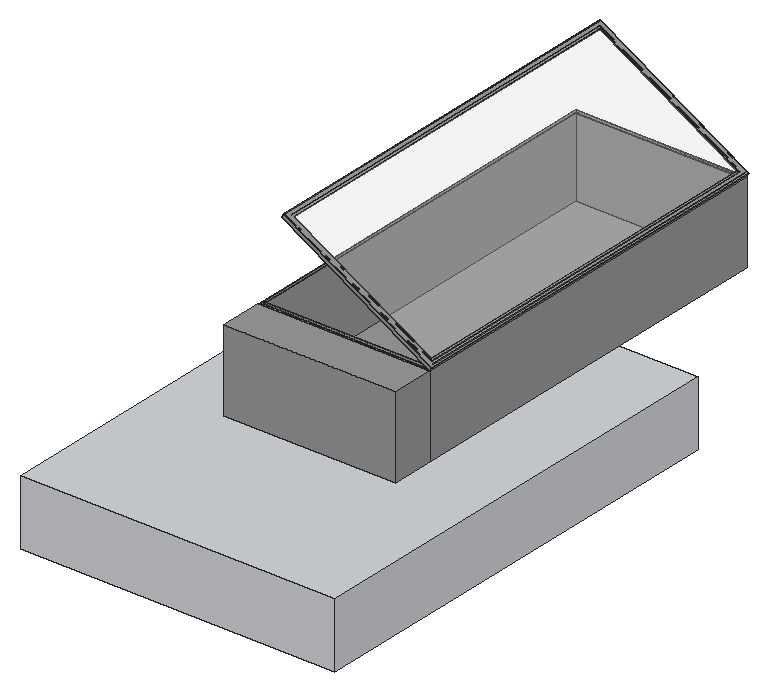
Revit family "Hager-Univers-IP55-D400-H2050-Cl.II-Steel_encl-CH-de", category Equipement électrique, Revit 2020
Family settings
  Hôte = Face
  Configuration du panneau = Deux colonnes, circuits au sein
  Cote de connecteur circulaire = Utiliser le diamètre
  Type d'élément = Tableau de raccordement
  Couper avec des vides une fois chargée = Non
  Partagée = Non
  Point de calcul de pièce = Non
Parameters (values of type "Bodenaufstellung IP55 B800 H2050 T400  - FR23U2")
  Width Control [instance] = if([EF000008 - Breite] > Min Width, [EF000008 - Breite], Min Width)  # 800 mm
  Commentaires du type = [HG000003 - Bereich]  # "Univers"
  Thickness Door [instance] = if([EF009171 - Materialstärke Tür/Deckel] > 3 mm, 3 mm, [EF009171 - Materialstärke Tür/Deckel])  # 1.5 mm
  Seal Frame Offset [instance] = 17 mm  # constant formula
  Plinth Visibility [instance] = [HG000027 - Sockelhöhe] > 0 mm  # yes
  Model = ""
  Min Width [instance] = 100 mm  # constant formula
  Min Height [instance] = 100 mm  # constant formula
  Min Depth [instance] = (2 * [EF009170 - Materialstärke Gehäuse]) + 1 mm  # 4 mm
  Internal Frame Depth [instance] = (Door System Depth * 0.5)  # 9 mm
  Height Control [instance] = if([EF000040 - Höhe] > Min Height, [EF000040 - Höhe], Min Height)  # 2050 mm
  HG000027 - Sockelhöhe = 200 mm
  HG000026 - Stehend auf dem Boden = yes
  HG000024 - Höhe des unteren Teils = 800 mm
  HG000023 - Gehäuse mit doppeltem Querschnitt = no
  HG000016 - 3D-Türsichtbarkeit [instance] = yes
  HG000015 - Sichtbarkeit der Türöffnung [instance] = no
  HG000014 - Tür rechts [instance] = yes
  HG000013 - Tür links [instance] = not([HG000014 - Tür rechts])  # no
  HG000012 - Türschwenkwinkel [instance] = 30.00°
  HG000010 - Asymmetrische Türen = no
  HG000009 - Doppelflügeligen Tür = no
  HG000006 - Unterputz = no
  HG000004 - Herstellerreferenz = "FR23U2"
  HG000003 - Bereich = "Univers"
  HG000002 - Mit tür = yes
  Frame Offset Bottom [instance] = 10 mm  # constant formula
  Frame Offset [instance] = 15 mm  # constant formula
  EF015940 - Deckel mit Überdruckentlastung = no
  EF011959 - Schutzart (NEMA) = ""
  EF009554 - Anzahl der Öffnungen für Flanschplatten = 6
  Fabricant = "Hager"  # constant formula
  EF009212 - Ausführung Deckel = "EV000116 - geschlossen"
  EF009171 - Materialstärke Tür/Deckel = 1.5 mm
  EF009170 - Materialstärke Gehäuse = 1.5 mm
  EF008873 - Nennstrom (In) = 800 A
  EF007800 - Geeignet für Blitzschutz = no
  EF006306 - Mit Schloss = no
  EF006244 - Transparenter Deckel/Tür = yes
  EF005474 - Schutzart (IP) = "EV006420 - IP55"
  EF004464 - Art der Tür = "EV002646 - Einzel"
  EF004427 - Anzahl der Module = 432
  EF004293 - Schlagfestigkeit = "EV008784 - IK10"
  EF003532 - Geeignet für Außengebrauch = no
  EF002950 - Breite in Teilungseinheiten = 24
  EF001613 - Funktionserhalt = "EV000494 - ohne"
  EF001596 - Werkstoff des Gehäuses = "EV000179 - Stahl"
  EF001131 - Innentiefe = 400 mm
  EF001088 - Anbaumöglichkeit = yes
  EF000437 - Anzahl der Leitungseinführungen = 6
  EF000339 - Art der Abdeckung = "EV004216 - Tür"
  EF000266 - Anzahl der Reihen = 12
  EF000218 - Einbautiefe = 0 mm
  EF000118 - Mit Montageplatte = no
  EF000116 - RAL-Nummer = "7035"
  EF000049 - Tiefe = 400 mm
  EF000040 - Höhe = 2050 mm
  EF000008 - Breite = 800 mm
  EF000007 - Farbe = "EV000270 - grau"
  EF000003 - Montageart = "EV012274 - Bodenaufstellung"
  Door System Leaf Tolerance [instance] = 1.5 mm  # constant formula
  Door System Depth [instance] = 18 mm  # constant formula
  Door Height [instance] = Height Control - [HG000027 - Sockelhöhe]  # 1850 mm
  Depth Control [instance] = if([EF000049 - Tiefe] > Min Depth, [EF000049 - Tiefe], Min Depth)  # 400 mm
  Default Elevation = 0 mm
  Connector Offset [instance] = Height Control / 2  # 1025 mm
  Bottom Top Plate Trim [instance] = 1.5 mm  # constant formula
  Plinth height Ctrl [instance] = if([HG000027 - Sockelhöhe] > 0 mm, [HG000027 - Sockelhöhe], 12 mm)  # 200 mm
Types (11, lengths in mm): name | Width Control | HG000010 - Asymmetrische Türen | HG000009 - Doppelflügeligen Tür | HG000004 - Herstellerreferenz | EF009554 - Anzahl der Öffnungen für Flanschplatten | EF006244 - Transparenter Deckel/Tür | EF004464 - Art der Tür | EF004427 - Anzahl der Module | EF000437 - Anzahl der Leitungseinführungen | EF000008 - Breite
  Bodenaufstellung IP55 B1050 H2050 T400  - FR24H2 | 1050 | yes | yes | "FR24H2" | 8 | no | "EV003602 - Doppel" | 576 | 8 | 1050
  Bodenaufstellung IP55 B1050 H2050 T400  - FR24U2 | 1050 | yes | yes | "FR24U2" | 8 | yes | "EV003602 - Doppel" | 576 | 8 | 1050
  Bodenaufstellung IP55 B1300 H2050 T400  - FR25H2 | 1300 | yes | yes | "FR25H2" | 10 | no | "EV003602 - Doppel" | 720 | 10 | 1300
  Bodenaufstellung IP55 B1300 H2050 T400  - FR25U2 | 1300 | yes | yes | "FR25U2" | 10 | yes | "EV003602 - Doppel" | 720 | 10 | 1300
  Bodenaufstellung IP55 B1550 H2050 T400  - FR26H2 | 1550 | yes | yes | "FR26H2" | 12 | no | "EV003602 - Doppel" | 864 | 12 | 1550
  Bodenaufstellung IP55 B1550 H2050 T400  - FR26U2 | 1550 | yes | yes | "FR26U2" | 12 | yes | "EV003602 - Doppel" | 864 | 12 | 1550
  Bodenaufstellung IP55 B300 H2050 T400  - FR21H2 | 300 | no | no | "FR21H2" | 2 | no | "EV002646 - Einzel" | 144 | 2 | 300
  Bodenaufstellung IP55 B550 H2050 T400  - FR22H2 | 550 | no | no | "FR22H2" | 4 | no | "EV002646 - Einzel" | 288 | 4 | 550
  Bodenaufstellung IP55 B550 H2050 T400  - FR22U2 | 550 | no | no | "FR22U2" | 4 | yes | "EV002646 - Einzel" | 288 | 4 | 550
  Bodenaufstellung IP55 B800 H2050 T400  - FR23H2 | 800 | no | no | "FR23H2" | 6 | no | "EV002646 - Einzel" | 432 | 6 | 800
  Bodenaufstellung IP55 B800 H2050 T400  - FR23U2 | 800 | no | no | "FR23U2" | 6 | yes | "EV002646 - Einzel" | 432 | 6 | 800
Reference planes
  plane 1 "Center (Front/Back)": y = 0
  plane 2: z = 0
  plane 3 "Center (Left/Right)": x = 0
  plane 4: z = 400
  plane 5: y = 201.5
  plane 6: y = 1125
  plane 7: y = 200
  plane 8: y = 2050
  plane 9: z = 0
  plane 10: x = -385
  plane 11: x = 385
  plane 12: x = 383.5
  plane 13: x = -383.5
  plane 14: y = 2048.5
  plane 15: x = -383
  plane 16: x = -400
  plane 17: x = 383
  plane 18: x = 400
  plane 19: x = 398.5
  plane 20: x = -398.5
  plane 21: y = 211.5
  plane 22: y = 2050
  plane 23: y = 2033.5
  plane 24: z = 382
  plane 25: z = 1.5
  plane 26: z = 380.5
  plane 27: z = 398.5
Forms (mm)
  Extrusion 1, solid
    sketch origin (0, 0, 0) x (1, 0, 0) y (0, 1, 0)
      loop
        line (-702.964, 1305) -> (-702.964, -811.445) -> (766.763, -811.445) -> (766.763, 1305) -> (-702.964, 1305)
    from 0 to -304.8
  Extrusion 2, solid, material "Hager_Steel_RAL7035_Light_Grey", visible <- "Plinth Visibility", detail levels medium+fine
    sketch origin (0, 0, 0) x (1, 0, 0) y (0, 1, 0)
      loop
        line (-400, 0) -> (400, 0) -> (400, 200) -> (-400, 200) -> (-400, 0)
    from 0 to 382
  Extrusion 3, solid, material "Hager_Steel_RAL7035_Light_Grey", detail levels medium+fine
    sketch origin (0, 0, 0) x (1, 0, 0) y (0, 1, 0)
      loop
        line (-400, 200) -> (400, 200) -> (400, 2050) -> (-400, 2050) -> (-400, 200)
    from 0 to 382
  Extrusion 4, void
    sketch origin (0, 0, 0) x (1, 0, 0) y (0, 1, 0)
      loop
        line (-398.5, 201.5) -> (398.5, 201.5) -> (398.5, 2048.5) -> (-398.5, 2048.5) -> (-398.5, 201.5)
    from 1.5 to 380.5
  Extrusion 5, void
    sketch origin (-381.607, -4572, 382) x (0, -1, 0) y (-1, 0, 0)
      loop
        line (-4783.5, 1.893) -> (-6605.5, 1.893) -> (-6605.5, -765.107) -> (-4783.5, -765.107) -> (-4783.5, 1.893)
    from 0 to 1.5 <- "EF009170 - Materialstärke Gehäuse"
  Extrusion 6, solid, material "Hager_Steel_RAL7035_Light_Grey", detail levels fine
    sketch origin (0, 0, 382) x (1, 0, 0) y (0, 1, 0)
      loop
        line (-383.5, 2033.5) -> (-383.5, 211.5) -> (383.5, 211.5) -> (383.5, 2033.5) -> (-383.5, 2033.5)
      loop
        line (-385, 210) -> (385, 210) -> (385, 2035) -> (-385, 2035) -> (-385, 210)
    from 0 to 9 <- "Internal Frame Depth"
  Extrusion 7, solid, material "Hager_Steel_RAL7035_Light_Grey", detail levels coarse
    sketch origin (0, 0, 0) x (1, 0, 0) y (0, 1, 0)
      loop
        line (-400, 0) -> (400, 0) -> (400, 2050) -> (-400, 2050) -> (-400, 0)
    from 0 to 400
  Sweep 8, void
    path in 3D
      loop
        line (-400, 200, 0) -> (400, 200, 0) -> (400, 200, 382) -> (-400, 200, 382) -> (-400, 200, 0)
    profile origin (-400, 200, 191) x (-1, 0, 0) y (0, -1, 0)
      loop
        line (0, 0) -> (0, 1.5) -> (-1.5, 1.5)
        arc (-1.5, 1.5) -> (-1.061, 0.439) -> (0, 0) r 1.5
Cuts and joins
  Extrusion 4, Extrusion 5 cuts Extrusion 3
  Sweep 8 cuts Extrusion 2
Lines and regions (mm)
  Masking region 1
    outline origin (0, 0, 0) x (1, 0, 0) y (0, 0, 1)
      loop
        line (-400, 400) -> (-400, 0) -> (400, 0) -> (400, 400) -> (-400, 400)
  Masking region 2, detail levels medium+fine
    outline origin (0, 140, 0) x (0, 1, 0) y (0, 0, 1)
      loop
        line (60, 0) -> (1910, 0) -> (1910, 382) -> (60, 382) -> (60, 0)
  Masking region 3, not visible, detail levels medium+fine
    outline origin (0, 297.922, 0) x (0, 1, 0) y (0, 0, 1)
      loop
        line (838.578, 0) -> (878.578, 0) -> (878.578, 388.5)
        arc (878.578, 388.5) -> (875.649, 395.571) -> (868.578, 398.5) r 10
        line (868.578, 398.5) -> (838.578, 398.5) -> (838.578, 0)
  Masking region 4, detail levels coarse
    outline origin (0, 0, 180) x (0, 1, 0) y (0, 0, 1)
      loop
        line (0, -180) -> (2050, -180) -> (2050, 220) -> (0, 220) -> (0, -180)
  Masking region 5, visible <- "Plinth Visibility", detail levels medium+fine
    outline origin (0, 52.24, 12.345) x (0, 0, -1) y (0, 1, 0)
      loop
        line (10.845, 147.76) -> (-368.155, 147.76)
        arc (-368.155, 147.76) -> (-368.594, 146.699) -> (-369.655, 146.26) r 1.5
        line (-369.655, 146.26) -> (-369.655, -52.24) -> (12.345, -52.24) -> (12.345, 146.26)
        arc (12.345, 146.26) -> (11.285, 146.699) -> (10.845, 147.76) r 1.5
  Masking region 6, detail levels medium+fine
    outline origin (-381.607, -4572, 382) x (-1, 0, 0) y (0, -1, 0)
      loop
        line (18.393, -6622) -> (18.393, -4772) -> (-781.607, -4772) -> (-781.607, -6622) -> (18.393, -6622)
  Masking region 7, visible <- "Plinth Visibility", detail levels medium+fine
    outline origin (-381.607, -4727, 382) x (-1, 0, 0) y (0, -1, 0)
      loop
        arc (16.893, -4927) -> (17.332, -4925.939) -> (18.393, -4925.5) r 1.5
        line (18.393, -4925.5) -> (18.393, -4727) -> (-781.607, -4727) -> (-781.607, -4925.5)
        arc (-781.607, -4925.5) -> (-780.546, -4925.939) -> (-780.107, -4927) r 1.5
        line (-780.107, -4927) -> (16.893, -4927)
  Masking region 8, detail levels coarse
    outline origin (-442.548, -4669.526, 382) x (-1, 0, 0) y (0, -1, 0)
      loop
        line (-42.548, -6719.526) -> (-42.548, -4669.526) -> (-842.548, -4669.526) -> (-842.548, -6719.526) -> (-42.548, -6719.526)
  sketch lines
    curve 1: line (-400, 200, 382) -> (-400, 200, 0)
    curve 2: line (400, 200, 382) -> (-400, 200, 382)
    curve 3: line (400, 200, 382) -> (400, 200, 0)
    curve 4: line (-400, 200, 0) -> (400, 200, 0)
Dimensions and locks
  "Depth Control": plane 4 to Extrusion 1
  "HG000027 - Sockelhöhe": plane 1 "Center (Front/Back)" to plane 7
  "EF009170 - Materialstärke Gehäuse": plane 5 to plane 7
  locked: connector elem to plane 3 "Center (Left/Right)"
  equal spacing: plane 8, plane 6, plane 7
  locked: connector elem to plane 6
  "EF009170 - Materialstärke Gehäuse": plane 8 to plane 14
  "EF009170 - Materialstärke Gehäuse": plane 10 to plane 13
  "EF009170 - Materialstärke Gehäuse": plane 12 to plane 11
  "Frame Offset": plane 20 to plane 13
  "Frame Offset": plane 12 to plane 19
  "EF009170 - Materialstärke Gehäuse": plane 16 to plane 20
  "EF009170 - Materialstärke Gehäuse": plane 19 to plane 18
  "Seal Frame Offset": plane 16 to plane 15
  "Seal Frame Offset": plane 17 to plane 18
  "Frame Offset Bottom": plane 21 to plane 5
  "Frame Offset": plane 14 to plane 23
  equal spacing: plane 16, plane 3 "Center (Left/Right)", plane 18
  "Width Control": plane 16 to plane 18
  "EF009170 - Materialstärke Gehäuse": plane 4 to plane 27
  "EF009170 - Materialstärke Gehäuse": plane 24 to plane 26
  "EF009170 - Materialstärke Gehäuse": plane 25 to level
  "Door System Depth": plane 4 to plane 24
  "Height Control": plane 1 "Center (Front/Back)" to Extrusion 7 sketch curve
  "Height Control": Masking region 4 sketch curve to plane 1 "Center (Front/Back)"
  "Height Control": plane 1 "Center (Front/Back)" to plane 22
  "Bottom Top Plate Trim": profile plane to Sweep 8 sketch curve
  "Bottom Top Plate Trim": Sweep 8 sketch curve to profile plane
  "Plinth height Ctrl": plane 1 "Center (Front/Back)" to Extrusion 2 sketch curve
  "Plinth height Ctrl": Masking region 5 sketch curve to plane 1 "Center (Front/Back)"
  "Plinth height Ctrl": plane 1 "Center (Front/Back)" to Masking region 7 sketch curve
  "Thickness Door": Extrusion 6 sketch curve to Extrusion 6 sketch curve  (x3)
  "Thickness Door": cut or joined group of Extrusion 3, Extrusion 4, Extrusion 5 to Extrusion 6 sketch curve
  radius of Masking region 3 sketch curve = 10 mm
  "Bottom Top Plate Trim": radius of Masking region 5 sketch curve  (x2)
  "Bottom Top Plate Trim": radius of Sweep 8 sketch curve
  "Bottom Top Plate Trim": radius of Masking region 7 sketch curve  (x2)
  aligned and locked: plane 2 to Extrusion 1
  aligned and locked: level to Extrusion 1
  aligned and locked: level to Masking region 1 sketch curve
  aligned and locked: Masking region 1 sketch curve to plane 18
  aligned and locked: Masking region 1 sketch curve to plane 16
  aligned and locked: plane 7 to Masking region 2 sketch curve
  aligned and locked: level to Masking region 3 sketch curve
  aligned and locked: Masking region 3 sketch curve to plane 27
  aligned and locked: level to Masking region 2 sketch curve
  aligned and locked: plane 1 "Center (Front/Back)" to Extrusion 2 sketch curve
  aligned and locked: Extrusion 3 sketch curve to plane 7
  aligned and locked: plane 16 to Extrusion 3 sketch curve
  aligned and locked: plane 18 to Extrusion 3 sketch curve
  aligned and locked: plane 20 to Extrusion 4 sketch curve
  aligned and locked: plane 19 to Extrusion 4 sketch curve
  aligned and locked: Extrusion 4 sketch curve to plane 5
  aligned and locked: Extrusion 4 to plane 25
  aligned and locked: plane 26 to Extrusion 4
  aligned and locked: plane 24 to Extrusion 3
  aligned and locked: Extrusion 5 sketch curve to plane 21
  aligned and locked: Extrusion 5 sketch curve to plane 13
  aligned and locked: Extrusion 5 sketch curve to plane 12
  aligned and locked: plane 18 to Extrusion 7 sketch curve
  aligned and locked: plane 1 "Center (Front/Back)" to Extrusion 7 sketch curve
  aligned and locked: plane 16 to Extrusion 7 sketch curve
  aligned and locked: plane 4 to Extrusion 7
  aligned and locked: Extrusion 7 to level
  aligned and locked: level to Masking region 4 sketch curve
  aligned and locked: Masking region 4 sketch curve to plane 1 "Center (Front/Back)"
  aligned and locked: Masking region 4 sketch curve to plane 4
  aligned and locked: nested 1 to level
  aligned and locked: nested 1 to plane 16
  aligned and locked: plane 8 to Extrusion 3 sketch curve
  aligned and locked: plane 23 to Extrusion 5 sketch curve
  aligned and locked: plane 14 to Extrusion 4 sketch curve
  aligned and locked: Masking region 2 sketch curve to plane 8
  aligned and locked: level to Masking region 5 sketch curve
  aligned and locked: plane 16 to Extrusion 2 sketch curve
  aligned and locked: plane 18 to Extrusion 2 sketch curve
  aligned and locked: Masking region 5 sketch curve to plane 24
  aligned and locked: Masking region 2 sketch curve to plane 24
  aligned and locked: plane 24 to Extrusion 2
  aligned and locked: profile plane to Sweep 8 sketch curve  (x2)
  aligned and locked: Masking region 6 sketch curve to plane 18
  aligned and locked: Masking region 6 sketch curve to plane 22
  aligned and locked: Masking region 6 sketch curve to plane 16
  aligned and locked: plane 8 to plane 22
  aligned and locked: Masking region 6 sketch curve to plane 7
  aligned and locked: Masking region 7 sketch curve to plane 16
  aligned and locked: Masking region 7 sketch curve to plane 1 "Center (Front/Back)"
  aligned and locked: Masking region 7 sketch curve to plane 18
  aligned and locked: Masking region 8 sketch curve to plane 1 "Center (Front/Back)"
  aligned and locked: Masking region 8 sketch curve to plane 18
  aligned and locked: Masking region 8 sketch curve to plane 22
  aligned and locked: Masking region 8 sketch curve to plane 16
  aligned and locked: nested 2 to plane 7
  aligned and locked: plane 3 "Center (Left/Right)" to nested 2
  aligned and locked: nested 2 to plane 24
  aligned and locked: Extrusion 6 sketch curve to cut or joined group of Extrusion 3, Extrusion 4, Extrusion 5  (x4)
Automatic sketch dimensions
  Extrusion 1 sketch curve to Extrusion 1 sketch curve = 1469.727 mm
  Extrusion 1 sketch curve to Extrusion 1 sketch curve = 2116.445 mm
  Masking region 1 sketch curve to plane 4 = 0 mm
  plane 6 to Masking region 3 sketch curve = 11.5 mm
  Masking region 3 sketch curve to Masking region 3 sketch curve = 30 mm
  Masking region 5 sketch curve to plane 1 "Center (Front/Back)" = 0 mm
Nested families
  nested 1: "Hager_Enclosure_Symbol" at (-400, 0, 0) x (1, 0, 0) z (0, -1, 0), Height <- "Depth Control", Width <- "Width Control", type "Hager_Enclosure_Symbol"
    with Width_Ctrl 800 mm, Width 800 mm, Height_Ctrl 400 mm, Height 400 mm, A_Width_Int 26.25 mm, A_Width 315 mm, A_Height_Ctrl 350 mm, A_Height 350 mm
  nested 2: "EC000058_Univers_Door" at (0, 200, 382) x (1, 0, 0) z (0, 1, 0), Leaf_Tolerance <- "Door System Leaf Tolerance", Angle <- "HG000012 - Türschwenkwinkel", Door_Depth <- "Door System Depth", Door_Left <- "HG000013 - Tür links", Transparent <- "EF006244 - Transparenter Deckel/Tür", Assymetrical <- "HG000010 - Asymmetrische Türen", Width <- "Width Control", Clearance <- "HG000015 - Sichtbarkeit der Türöffnung", Double <- "HG000009 - Doppelflügeligen Tür", 3d_Door <- "HG000016 - 3D-Türsichtbarkeit", Lock_Visibility <- "EF006306 - Mit Schloss", Width_Ctrl <- "Width Control", Door_Right <- "HG000014 - Tür rechts", Door <- "HG000002 - Mit tür", Height <- "Door Height", Thickness <- "Thickness Door", type "EC000058_Univers_Door", detail levels medium+fine
    with min_wh 4 mm, Width_Ctrl 800 mm, Width 800 mm, Transparent yes, Thickness 1.5 mm, Seal_Material Hager_Rubber, Lock_Visibility no, Lock_Material Hager_Plastic_RAL9005_Jet_Black, Leaf_Width 800 mm, Leaf_Tolerance_External_Sides 0 mm, Leaf_Tolerance 1.5 mm, Leaf_Offset 0 mm, Leaf_Height 1847 mm, Leaf_2_Width 800 mm, Leaf_2_Offset 400 mm, Leaf_1_Width 800 mm, Leaf_1_Offset 400 mm, Height_Ctrl 1850 mm, Height 1850 mm, Glass_Material Hager_Glass, Double_Clearance_Ctrl no, Double no, Door_Right_Ctrl yes, Door_Right yes, Door_Material Hager_Steel_RAL7035_Light_Grey, Door_Left_Ctrl no, Door_Left no, Door_Depth 18 mm, Door yes, Clearance_Material Hager_Clearance, Clearance_Depth 800 mm, Clearance_Ctrl no, Clearance no, Assymetrical no, Angle 30.00°, 3d_Door yes
Connectors
  electrical at (0, 1125, 0)
    settings: on plane 9, index 1, voltage 0 V, apparent load 0 VA, apparent load phase1 0 VA, apparent load phase2 0 VA, apparent load phase3 0 VA, power factor 1, load classification "Other", number of poles 1, system type 30, power factor state 1, is connector primary yes, connector utility no, sub classification motor no, connector description ""
Definition of nested family "EC000058_Univers_Door"
  Parameters (values of type "EC000058_Univers_Door")
    min_wh [instance] = (2 * Thickness) + 1 mm  # 11 mm
    Width_Ctrl [instance] = 400 mm
    Width [instance] = 500 mm
    Transparent [instance] = yes
    Thickness [instance] = 5 mm
    Seal_Material [instance] = none
    Lock_Visibility [instance] = yes
    Lock_Material [instance] = none
    Leaf_Width [instance] = if((Width_Ctrl - 2 * Leaf_Tolerance_External_Sides) > 0 mm, (Width_Ctrl - 2 * Leaf_Tolerance_External_Sides), min_wh)  # 400 mm
    Leaf_Tolerance_External_Sides [instance] = 0 mm  # constant formula
    Leaf_Tolerance [instance] = 1.5 mm
    Leaf_Offset [instance] = 0 mm  # constant formula
    Leaf_Height [instance] = if((Height_Ctrl - 2 * Leaf_Tolerance) > 0 mm, (Height_Ctrl - 2 * Leaf_Tolerance), min_wh)  # 497 mm
    Leaf_2_Width [instance] = if(and(and(Double, Assymetrical), Door_Left), (Leaf_Width / 3) - (Leaf_Tolerance / 2), if(and(and(Double, Assymetrical), Door_Right), (Leaf_Width / 3) * 2 - (Leaf_Tolerance / 2), if(and(Double, not(Assymetrical)), (Leaf_Width / 2) - Leaf_Tolerance, Leaf_Width)))  # 400 mm
    Leaf_2_Offset [instance] = if(and(Double, Assymetrical), Leaf_2_Width / 2, if(and(Double, not(Assymetrical)), Leaf_Width / 4, Leaf_Width / 2))  # 200 mm
    Leaf_1_Width [instance] = if(and(and(Double, Assymetrical), Door_Right), (Leaf_Width / 3) - (Leaf_Tolerance / 2), if(and(and(Double, Assymetrical), Door_Left), (Width / 3) * 2 - (Leaf_Tolerance / 2), if(and(Double, not(Assymetrical)), (Leaf_Width / 2) - Leaf_Tolerance, Leaf_Width)))  # 400 mm
    Leaf_1_Offset [instance] = if(and(Double, Assymetrical), Leaf_1_Width / 2, if(and(Double, not(Assymetrical)), Leaf_Width / 4, Leaf_Width / 2))  # 200 mm
    Height_Ctrl [instance] = if(Height > min_wh, Height, min_wh)  # 500 mm
    Height [instance] = 500 mm
    Glass_Material [instance] = none
    Double_Clearance_Ctrl [instance] = and(Double, Clearance)  # no
    Double [instance] = no
    Door_Right_Ctrl [instance] = and(or(Door_Right, Double), Door)  # yes
    Door_Right [instance] = yes
    Door_Material [instance] = none
    Door_Left_Ctrl [instance] = and(or(Door_Left, Double), Door)  # no
    Door_Left [instance] = no
    Door_Depth [instance] = 30 mm
    Door [instance] = yes
    Default Elevation = 1219.2 mm
    Clearance_Material [instance] = none
    Clearance_Depth [instance] = if(Leaf_1_Width > Leaf_2_Width, Leaf_1_Width, Leaf_2_Width)  # 400 mm
    Clearance_Ctrl [instance] = and(not(Double), Clearance)  # yes
    Clearance [instance] = yes
    Assymetrical [instance] = yes
    Angle [instance] = 30.00°
    3d_Door [instance] = yes
  Reference planes
    plane 1 "Center (Front/Back)": y = 0
    plane 2 "Bottom": z = 0
    plane 3 "Center (Left/Right)": x = 0
    plane 4: z = 500
    plane 5: x = -200
    plane 6: x = 200
    plane 7: z = 500
    plane 8: x = -200
    plane 9: z = 0
    plane 10: x = 200
    plane 11: y = 0
    plane 12: z = 1.5
    plane 13: x = -600
    plane 14: y = -400
    plane 15: x = 600
    plane 16: x = 0
    plane 17: x = 0
    plane 18: x = -200
    plane 19: x = 200
    plane 20: z = 498.5
  Forms (mm)
    Extrusion 1, solid, material <- "Clearance_Material", visible <- "Double_Clearance_Ctrl"
      sketch origin (1200, 0, 0) x (1, 0, 0) y (0, 0, -1)
        loop
          line (-1800, -498.5) -> (-600, -498.5) -> (-600, 0) -> (-1800, 0) -> (-1800, -498.5)
      from 0 to -400
  Dimensions and locks
    equal spacing: plane 5, plane 3 "Center (Left/Right)", plane 6
    "Width_Ctrl": plane 5 to plane 6
    "Leaf_Offset": plane 5 to plane 8
    "Leaf_Offset": plane 6 to plane 10
    "Leaf_Offset": plane 9 to level
    "Leaf_Offset": plane 4 to plane 7
    "Height_Ctrl": plane 4 to level
    "Leaf_Tolerance": plane 12 to plane 9
    locked: plane 11 to plane 1 "Center (Front/Back)"
    "Leaf_1_Offset": plane 18 to plane 16
    "Leaf_2_Offset": plane 17 to plane 19
    "Leaf_1_Width": plane 13 to plane 8
    "Leaf_2_Width": plane 10 to plane 15
    "Clearance_Depth": plane 14 to plane 1 "Center (Front/Back)"
    "Leaf_Tolerance_External_Sides": plane 8 to plane 18
    "Leaf_Tolerance_External_Sides": plane 19 to plane 10
    "Leaf_Tolerance": plane 7 to plane 20
    aligned and locked: level to plane 2 "Bottom"
    aligned and locked: nested 1 to plane 16
    aligned and locked: nested 2 to plane 17
    aligned and locked: Extrusion 1 to plane 13
    aligned and locked: plane 15 to Extrusion 1
    aligned and locked: Extrusion 1 to plane 14
    aligned and locked: plane 12 to nested 1
    aligned and locked: nested 2 to plane 12
    aligned and locked: Extrusion 1 to plane 11
    aligned and locked: plane 20 to Extrusion 1
    aligned and locked: nested 2 to plane 11
    aligned and locked: nested 1 to plane 11
  Automatic sketch dimensions
    Extrusion 1 sketch curve to level = 0 mm
    plane 5 to Extrusion 1 sketch curve = 400 mm
    plane 6 to Extrusion 1 sketch curve = 400 mm
    Extrusion 1 sketch curve to plane 4 = 1.5 mm
  Nested families
    nested 1: "EC000058_Univers_Door_Leaf" at (0, 0, 1.5), Width <- "Leaf_1_Width", visible <- "Door_Left_Ctrl", Leaf_Height <- "Leaf_Height", Angle <- "Angle", 3d_Door <- "3d_Door", Transparent <- "Transparent", Clearance Material <- "Clearance_Material", Clearance <- "Clearance_Ctrl", Door_Material <- "Door_Material", Glass_Material <- "Glass_Material", Door_Depth <- "Door_Depth", Lock_Material <- "Lock_Material", Seal_Material <- "Seal_Material", Lock_Visibility <- "Lock_Visibility", Thickness <- "Thickness", type "EC000058_Univers_Door_Leaf"
      with Width 400 mm, Transparent_Glass_Offset 30 mm, Transparent_Ctrl yes, Transparent yes, Thickness 5 mm, Standard no, Seal_Material none, Seal_D2 8 mm, Seal_D1 1 mm, Offset_Internal_Frame 10 mm, Lock_Width 20 mm, Lock_Visibility_3d yes, Lock_Visibility yes, Lock_Thickness_3 3 mm, Lock_Thickness_2 1 mm, Lock_Thickness_1 3 mm, Lock_Radius_Offset_2 16 mm, Lock_Radius_Offset_1 15 mm, Lock_Radius_2 5 mm, Lock_Radius 6 mm, Lock_Offset 5 mm, Lock_Material none, Lock_Height 80 mm, Lock_Cover_Top_Offset_2d 17 mm, Lock_Cover_Height -65 mm, Leaf_Height 497 mm, Internal_Seal_Thickness 8 mm, Internal_Seal_Depth_2 4.5 mm, Internal_Frame_Depth 25 mm, Glass_Thickness -1 mm, Glass_Offset -2 mm, Glass_Material none, Door_Material none, Door_Depth 30 mm, Clearance Material none, Clearance yes, Angle_Ctrl 30.00°, Angle 30.00°, 3d_Door yes
    nested 2: "EC000058_Univers_Door_Leaf" at (0, 0, 1.5) x (-1, 0, 0) z (0, 0, 1), Width <- "Leaf_2_Width", visible <- "Door_Right_Ctrl", Leaf_Height <- "Leaf_Height", Angle <- "Angle", 3d_Door <- "3d_Door", Transparent <- "Transparent", Clearance Material <- "Clearance_Material", Clearance <- "Clearance_Ctrl", Door_Material <- "Door_Material", Glass_Material <- "Glass_Material", Door_Depth <- "Door_Depth", Lock_Material <- "Lock_Material", Seal_Material <- "Seal_Material", Lock_Visibility <- "Lock_Visibility", Thickness <- "Thickness", type "EC000058_Univers_Door_Leaf"
      with Width 400 mm, Transparent_Glass_Offset 30 mm, Transparent_Ctrl yes, Transparent yes, Thickness 5 mm, Standard no, Seal_Material none, Seal_D2 8 mm, Seal_D1 1 mm, Offset_Internal_Frame 10 mm, Lock_Width 20 mm, Lock_Visibility_3d yes, Lock_Visibility yes, Lock_Thickness_3 3 mm, Lock_Thickness_2 1 mm, Lock_Thickness_1 3 mm, Lock_Radius_Offset_2 16 mm, Lock_Radius_Offset_1 15 mm, Lock_Radius_2 5 mm, Lock_Radius 6 mm, Lock_Offset 5 mm, Lock_Material none, Lock_Height 80 mm, Lock_Cover_Top_Offset_2d 17 mm, Lock_Cover_Height -65 mm, Leaf_Height 497 mm, Internal_Seal_Thickness 8 mm, Internal_Seal_Depth_2 4.5 mm, Internal_Frame_Depth 25 mm, Glass_Thickness -1 mm, Glass_Offset -2 mm, Glass_Material none, Door_Material none, Door_Depth 30 mm, Clearance Material none, Clearance yes, Angle_Ctrl 30.00°, Angle 30.00°, 3d_Door yes
  Definition of nested family "EC000058_Univers_Door_Leaf"
    Parameters (values of type "EC000058_Univers_Door_Leaf")
      Width [instance] = 2000 mm
      Transparent_Glass_Offset [instance] = 30 mm
      Transparent_Ctrl [instance] = and(Transparent, [3d_Door])  # yes
      Transparent [instance] = yes
      Thickness [instance] = 5 mm
      Standard [instance] = and(not(Transparent), [3d_Door])  # no
      Seal_Material [instance] = none
      Seal_D2 [instance] = 8 mm  # constant formula
      Seal_D1 [instance] = 1 mm  # constant formula
      Offset_Internal_Frame [instance] = 10 mm  # constant formula
      Lock_Width [instance] = 20 mm  # constant formula
      Lock_Visibility_3d [instance] = and(Lock_Visibility, [3d_Door])  # yes
      Lock_Visibility [instance] = yes
      Lock_Thickness_3 [instance] = 3 mm  # constant formula
      Lock_Thickness_2 [instance] = 1 mm  # constant formula
      Lock_Thickness_1 [instance] = 3 mm  # constant formula
      Lock_Radius_Offset_2 [instance] = Lock_Radius_Offset_1 + 1 mm  # 16 mm
      Lock_Radius_Offset_1 [instance] = 15 mm  # constant formula
      Lock_Radius_2 [instance] = Lock_Radius - 1 mm  # 5 mm
      Lock_Radius [instance] = 6 mm  # constant formula
      Lock_Offset [instance] = 5 mm  # constant formula
      Lock_Material [instance] = none
      Lock_Height [instance] = 80 mm  # constant formula
      Lock_Cover_Top_Offset_2d [instance] = Lock_Radius_Offset_2 + 1 mm  # 17 mm
      Lock_Cover_Height [instance] = -(Lock_Height - Lock_Radius_Offset_1)  # -65 mm
      Leaf_Height [instance] = 2720.336 mm
      Internal_Seal_Thickness [instance] = 8 mm  # constant formula
      Internal_Seal_Depth_2 [instance] = 4.5 mm  # constant formula
      Internal_Frame_Depth [instance] = if(Door_Depth - Thickness > 5 mm, Door_Depth - Thickness, 5 mm)  # 25 mm
      Glass_Thickness [instance] = if(Thickness > 15 mm, Glass_Offset + 10 mm, -1 mm)  # -1 mm
      Glass_Offset [instance] = if(Thickness > 15 mm, -(Thickness + 10 mm) / 2, -2 mm)  # -2 mm
      Glass_Material [instance] = none
      Door_Material [instance] = none
      Door_Depth [instance] = 30 mm
      Default Elevation = 0 mm
      Clearance Material [instance] = none
      Clearance [instance] = yes
      Angle_Ctrl [instance] = if(Angle > 180.00°, 180.00°, Angle)  # 90.00°
      Angle [instance] = 90.00°
      3d_Door [instance] = yes
    Reference planes
      plane 1 "Center (Front/Back)": y = 0
      plane 2: z = 0
      plane 3 "Center (Left/Right)": x = 0
      plane 4: y = 2000
      plane 5: x = -1000
      plane 6: x = 1000
      plane 7: x = -3000
      plane 8: z = 2720.336
      plane 9: z = 30
      plane 10: z = 2690.336
      plane 11: x = 970
      plane 12: x = -970
      plane 13: y = -3
      plane 14: z = 107.833
      plane 15: y = -5
      plane 16: y = -223.314
      plane 17: x = -1000
      plane 18: z = 1360.168
      plane 19: y = 30
    Forms (mm)
      Extrusion 1, solid, material <- "Clearance Material", visible <- "Clearance"
        sketch origin (0, 0, 0) x (1, 0, 0) y (0, 0, 1)
          loop
            line (-3000, 2720.336) -> (-3000, 0) -> (1000, 0) -> (1000, 2720.336) -> (-3000, 2720.336)
        from 0 to -2000
      Extrusion 2, solid, material <- "Door_Material", visible <- "Standard", detail levels medium+fine
        sketch origin (-1000, 0, 0) x (0, 1, 0) y (-1, 0, 0)
          loop
            line (0, 30) -> (0, 25) -> (2000, 25) -> (2000, 30) -> (0, 30)
        from 0 to 2720.336 <- "Leaf_Height"
      Extrusion 3, solid, material <- "Door_Material", visible <- "Transparent_Ctrl", detail levels medium+fine
        sketch origin (-1000, 0, 0) x (0, 1, 0) y (-1, 0, 0)
          loop
            line (0, 25) -> (2000, 25) -> (2000, 30) -> (0, 30) -> (0, 25)
        from 0 to 2720.336 <- "Leaf_Height"
      Extrusion 4, void
        sketch origin (-1025, 2000, 0) x (0, 1, 0) y (0, 0, -1)
          loop
            line (-30, -2690.336) -> (-30, -30) -> (-1970, -30) -> (-1970, -2690.336) -> (-30, -2690.336)
        from 0 to 5 <- "Thickness"
      Sweep 5, solid, material <- "Seal_Material", visible <- "Transparent_Ctrl", detail levels fine
        path in 3D
          loop
            line (-1025, 30, 30) -> (-1025, 30, 2690.336) -> (-1025, 1970, 2690.336) -> (-1025, 1970, 30) -> (-1025, 30, 30)
        profile origin (-1025, 1000, 30) x (1, 0, 0) y (0, 0, 1)
          loop
            line (0, 0) -> (0, -8) -> (1, -8) -> (1, 0) -> (0, 0)
      Extrusion 6, solid, material <- "Glass_Material", visible <- "Transparent_Ctrl", detail levels medium+fine
        sketch origin (-1030, 0, 0) x (0, 1, 0) y (0, 0, -1)
          loop
            line (1970, -2690.336) -> (1970, -30) -> (30, -30) -> (30, -2690.336) -> (1970, -2690.336)
        from -2 <- "Glass_Offset" to -1 <- "Glass_Thickness"
      Extrusion 7, solid, material <- "Door_Material", visible <- "3d_Door", detail levels medium+fine
        sketch origin (-1025, 2000, 0) x (0, -1, 0) y (0, 0, -1)
          loop
            line (0, -2720.336) -> (2000, -2720.336) -> (2000, 0) -> (0, 0) -> (0, -2720.336)
          loop
            line (1995, -5) -> (5, -5) -> (5, -2715.336) -> (1995, -2715.336) -> (1995, -5)
        from 0 to 25 <- "Internal_Frame_Depth"
      Sweep 8, solid, material <- "Seal_Material", visible <- "Transparent_Ctrl", detail levels fine
        path in 3D
          loop
            line (-1025, 0, 0) -> (-1025, 2000, 0) -> (-1025, 2000, 2720.336) -> (-1025, 0, 2720.336) -> (-1025, 0, 0)
        profile origin (-1025, 0, 1360.168) x (1, 0, 0) y (0, 1, 0)
          loop
            line (0, 10) -> (2.975, 10)
            arc (2.975, 10) -> (4.053, 10.447) -> (4.5, 11.525) r 1.525
            line (4.5, 11.525) -> (4.5, 16.527)
            arc (4.5, 16.527) -> (4.069, 17.569) -> (3.027, 18) r 1.473
            line (3.027, 18) -> (0, 18) -> (0, 10)
      Extrusion 9, solid, material <- "Lock_Material", visible <- "Lock_Visibility_3d", detail levels fine
        sketch origin (-1030, 0, 0) x (0, 1, 0) y (0, 0, -1)
          loop
            arc (1993.5, -1400.168) -> (1994.561, -1399.729) -> (1995, -1398.668) r 1.5
            line (1995, -1398.668) -> (1995, -1320.168) -> (1975, -1320.168) -> (1975, -1398.668)
            arc (1975, -1398.668) -> (1975.439, -1399.729) -> (1976.5, -1400.168) r 1.5
            line (1976.5, -1400.168) -> (1993.5, -1400.168)
        from 3 <- "Lock_Thickness_1" to 0
      Blend 10, solid, material <- "Lock_Material", visible <- "Lock_Visibility_3d", detail levels fine
        base sketch origin (-1033, 0, 0) x (0, 1, 0) y (0, 0, -1)
          loop
            line (1975, -1320.168) -> (1975, -1398.668)
            arc (1975, -1398.668) -> (1975.439, -1399.729) -> (1976.5, -1400.168) r 1.5
            line (1976.5, -1400.168) -> (1993.5, -1400.168)
            arc (1993.5, -1400.168) -> (1994.561, -1399.729) -> (1995, -1398.668) r 1.5
            line (1995, -1398.668) -> (1995, -1320.168) -> (1975, -1320.168)
        top sketch origin (-1033, 0, 0) x (0, 1, 0) y (0, 0, -1)
          loop
            line (1976, -1320.168) -> (1976, -1398.668)
            arc (1976, -1398.668) -> (1976.146, -1399.022) -> (1976.5, -1399.168) r 0.5
            line (1976.5, -1399.168) -> (1993.5, -1399.168)
            arc (1993.5, -1399.168) -> (1993.854, -1399.022) -> (1994, -1398.668) r 0.5
            line (1994, -1398.668) -> (1994, -1320.168) -> (1976, -1320.168)
        from 0 to 1 <- "Lock_Thickness_2"
      Blend 11, solid, material <- "Lock_Material", visible <- "Lock_Visibility_3d", detail levels fine
        base sketch origin (-1034, 0, 0) x (0, 1, 0) y (0, 0, -1)
          loop
            line (1978, -1320.168) -> (1978, -1384.168)
            arc (1978, -1384.168) -> (1985, -1391.168) -> (1992, -1384.168) r 7
            line (1992, -1384.168) -> (1992, -1320.168) -> (1978, -1320.168)
        top sketch origin (-1034, 0, 0) x (0, 1, 0) y (0, 0, -1)
          loop
            line (1991, -1320.168) -> (1979, -1320.168) -> (1979, -1383.168)
            arc (1979, -1383.168) -> (1985, -1389.168) -> (1991, -1383.168) r 6
            line (1991, -1383.168) -> (1991, -1320.168)
        from 0 to 3 <- "Lock_Thickness_3"
      Extrusion 12, solid, material <- "Lock_Material", visible <- "Lock_Visibility_3d", detail levels fine
        sketch origin (-1030, 1975, 1320.168) x (1, 0, 0) y (0, -1, 0)
          loop
            line (-7, -19) -> (-7, -1) -> (0, -1) -> (0, 0) -> (-8, 0) -> (-8, -20) -> (0, -20) -> (0, -19) -> (-7, -19)
        from 0 to -65 <- "Lock_Cover_Height"
      Extrusion 13, void
        sketch origin (-1038, 1995, 1320.168) x (-1, 0, 0) y (0, 0, -1)
          loop
            line (-5, -65) -> (0, -65) -> (-5, -60) -> (-5, -65)
        from 0 to 20 <- "Lock_Width"
      Extrusion 14, void
        sketch origin (-1038, 1975, 1320.168) x (0, -1, 0) y (0, 0, -1)
          loop
            circle (-10, -15.995) r 6
          loop
            circle (-10, -15.995) r 5
        from 0 to 2
      Extrusion 15, solid, material <- "Lock_Material", visible <- "Lock_Visibility_3d", detail levels medium
        sketch origin (-1030, 0, 0) x (0, 1, 0) y (0, 0, -1)
          loop
            arc (1993.5, -1400.168) -> (1994.561, -1399.729) -> (1995, -1398.668) r 1.5
            line (1995, -1398.668) -> (1995, -1320.168) -> (1975, -1320.168) -> (1975, -1398.668)
            arc (1975, -1398.668) -> (1975.439, -1399.729) -> (1976.5, -1400.168) r 1.5
            line (1976.5, -1400.168) -> (1993.5, -1400.168)
        from 8 to 0
    Cuts and joins
      Extrusion 4 cuts Extrusion 3
      Extrusion 13, Extrusion 14 cuts Extrusion 9
      Extrusion 14 cuts Blend 11
      Extrusion 13, Extrusion 14 cuts Extrusion 12
      joined: Extrusion 9, Blend 10, Blend 11, Extrusion 12
      Extrusion 14 cuts Extrusion 15
    Lines and regions (mm)
      Masking region 1, visible <- "Lock_Visibility", detail levels fine
        outline origin (0, 0, 0) x (0, 1, 0) y (0, 0, 1)
          loop
            line (30, 1320.168) -> (33, 1320.168) -> (33, 1400.168) -> (30, 1400.168) -> (30, 1320.168)
      Masking region 2, visible <- "Lock_Visibility", detail levels fine
        outline origin (0, 3.143, 0) x (0, 1, 0) y (0, 0, 1)
          loop
            line (29.857, 1354.168) -> (30.857, 1354.168) -> (30.857, 1366.168) -> (29.857, 1366.168) -> (29.857, 1354.168)
      Masking region 3, detail levels medium+fine
        outline origin (0, 0, 0) x (0, 1, 0) y (0, 0, 1)
          loop
            line (0, 0) -> (30, 0) -> (30, 2720.336) -> (0, 2720.336) -> (0, 0)
      Masking region 4, detail levels medium+fine
        outline origin (0, 0, 0) x (1, 0, 0) y (0, 0, 1)
          loop
            line (-1000, 2720.336) -> (-1000, 0) -> (1000, 0) -> (1000, 2720.336) -> (-1000, 2720.336)
      Masking region 5, visible <- "Lock_Visibility", detail levels fine
        outline origin (-47.116, 0, 0) x (1, 0, 0) y (0, 0, 1)
          loop
            arc (1024.616, 1399.168) -> (1023.556, 1398.729) -> (1023.116, 1397.668) r 1.5
            line (1023.116, 1397.668) -> (1023.116, 1320.168) -> (1041.116, 1320.168) -> (1041.116, 1397.668)
            arc (1041.116, 1397.668) -> (1040.677, 1398.729) -> (1039.616, 1399.168) r 1.5
            line (1039.616, 1399.168) -> (1024.616, 1399.168)
      Masking region 6, visible <- "Lock_Visibility", detail levels medium+fine
        outline origin (-25, 0, 0) x (1, 0, 0) y (0, 0, 1)
          loop
            arc (1001.5, 1400.168) -> (1000.439, 1399.729) -> (1000, 1398.668) r 1.5
            line (1000, 1398.668) -> (1000, 1320.168) -> (1020, 1320.168) -> (1020, 1398.668)
            arc (1020, 1398.668) -> (1019.561, 1399.729) -> (1018.5, 1400.168) r 1.5
            line (1018.5, 1400.168) -> (1001.5, 1400.168)
      Masking region 7, visible <- "Lock_Visibility", detail levels fine
        outline origin (-73.735, 0, 0) x (1, 0, 0) y (0, 0, 1)
          loop
            line (1051.735, 1382.168) -> (1065.735, 1382.168) -> (1065.735, 1384.168)
            arc (1065.735, 1384.168) -> (1058.735, 1391.168) -> (1051.735, 1384.168) r 7
            line (1051.735, 1384.168) -> (1051.735, 1382.168)
      Masking region 8, visible <- "Lock_Visibility", detail levels fine
        outline origin (-73.735, 0, 0) x (1, 0, 0) y (0, 0, 1)
          loop
            line (1052.735, 1382.168) -> (1064.735, 1382.168) -> (1064.735, 1383.168)
            arc (1064.735, 1383.168) -> (1058.735, 1389.168) -> (1052.735, 1383.168) r 6
            line (1052.735, 1383.168) -> (1052.735, 1382.168)
      Masking region 9, visible <- "Lock_Visibility", detail levels fine
        outline origin (-25, 0, 0) x (1, 0, 0) y (0, 0, 1)
          loop
            line (1020, 1320.168) -> (1020, 1382.168) -> (1000, 1382.168) -> (1000, 1320.168) -> (1020, 1320.168)
      Masking region 10, detail levels medium+fine
        outline origin (0, 0, 0) x (1, 0, 0) y (0, 0, 1)
          loop
            circle (985, 1335.144) r 6
      Masking region 11, detail levels fine
        outline origin (0, 0, 0) x (1, 0, 0) y (0, 0, 1)
          loop
            circle (985, 1335.144) r 5
      Masking region 12, visible <- "Lock_Visibility", detail levels fine
        outline origin (0, 12.767, 0) x (0, 1, 0) y (0, 0, 1)
          loop
            line (20.233, 1320.168) -> (21.233, 1320.168) -> (21.233, 1399.168) -> (20.233, 1400.168) -> (20.233, 1320.168)
      Masking region 13, visible <- "Lock_Visibility", detail levels fine
        outline origin (0, 13.767, -10) x (0, 1, 0) y (0, 0, 1)
          loop
            line (20.233, 1330.168) -> (23.233, 1330.168) -> (23.233, 1399.168) -> (20.233, 1402.168) -> (20.233, 1330.168)
      Masking region 14, visible <- "Lock_Visibility", detail levels fine
        outline origin (0, 12.767, -10) x (0, 1, 0) y (0, 0, 1)
          loop
            line (20.233, 1330.168) -> (25.233, 1330.168) -> (25.233, 1399.305) -> (20.233, 1394.305) -> (20.233, 1330.168)
      Masking region 15, visible <- "Lock_Visibility", detail levels medium
        outline origin (0, 0, 0) x (0, 1, 0) y (0, 0, 1)
          loop
            line (30, 1320.168) -> (38, 1320.168) -> (38, 1400.168) -> (30, 1400.168) -> (30, 1320.168)
      Masking region 16, visible <- "Lock_Visibility", detail levels fine
        outline origin (-1000, 0, 0) x (0, 1, 0) y (-1, 0, 0)
          loop
            line (1975, 30) -> (1995, 30) -> (1995, 38) -> (1975, 38) -> (1975, 30)
          loop
            line (1979, 37) -> (1976, 37) -> (1976, 34) -> (1978, 34) -> (1979, 37)
          loop
            line (1994, 37) -> (1991, 37) -> (1992, 34) -> (1994, 34) -> (1994, 37)
      Masking region 17, visible <- "Lock_Visibility", detail levels medium
        outline origin (-1000, 0, 0) x (0, 1, 0) y (-1, 0, 0)
          loop
            line (1975, 30) -> (1995, 30) -> (1995, 38) -> (1975, 38) -> (1975, 30)
      symbolic lines
        curve 1: line (1000, 0, 0) -> (-3000, 0, 0)
        curve 2: arc (1000, 0, 0) -> (-1000, 2000, 0) -> (-3000, 0, 0) r 2000
        curve 4: line (-1030, 0, 0) -> (-1030, 2000, 0)
      reference lines
        curve 3: line (-1000, 0, 0) -> (-1000, 2000, 0)
      symbolic lines, detail levels medium+fine
        curve 5: line (-1030, 2000, 0) -> (-1025, 2000, 0)
        curve 7: line (-1025, 0, 0) -> (-1030, 0, 0)
        curve 8: line (-1025, 0, 0) -> (-1000, 0, 0)
        curve 9: line (-1000, 0, 0) -> (-1000, 2000, 0)
        curve 10: line (-1000, 2000, 0) -> (-1025, 2000, 0)
      symbolic lines, detail levels fine
        curve 6: line (-1025, 2000, 0) -> (-1025, 0, 0)
      sketch lines
        curve 11: line (-1025, 0, 2720.336) -> (-1025, 0, 0)
        curve 12: line (-1025, 2000, 0) -> (-1025, 0, 0)
        curve 13: line (-1025, 2000, 2720.336) -> (-1025, 2000, 0)
        curve 14: line (-1025, 0, 2720.336) -> (-1025, 2000, 2720.336)
        curve 15: line (-1025, 1970, 30) -> (-1025, 30, 30)
        curve 16: line (-1025, 30, 30) -> (-1025, 30, 2690.336)
        curve 17: line (-1025, 1970, 2690.336) -> (-1025, 1970, 30)
        curve 18: line (-1025, 30, 2690.336) -> (-1025, 1970, 2690.336)
      symbolic lines, visible <- "Transparent", detail levels medium+fine
        curve 19: line (-970, 0, 2690.336) -> (970, 0, 2690.336)
        curve 20: line (-970, 0, 30) -> (-970, 0, 2690.336)
        curve 21: line (970, 0, 30) -> (-970, 0, 30)
        curve 22: line (970, 0, 2690.336) -> (970, 0, 30)
    Dimensions and locks
      "Width": plane 1 "Center (Front/Back)" to plane 4
      equal spacing: plane 5, plane 3 "Center (Left/Right)", plane 6
      "Width": plane 5 to plane 6
      "Width": plane 7 to plane 5
      "Leaf_Height": plane 8 to level
      "Width": curve 5 to curve 3
      "Width": curve 3 to curve 3
      plane 8 to plane 10 = 30 mm
      plane 9 to level = 30 mm
      plane 12 to plane 5 = 30 mm
      plane 6 to plane 11 = 30 mm
      Extrusion 1 to Extrusion 4 sketch curve = 30 mm
      "Transparent_Glass_Offset": curve 3 to Extrusion 4 sketch curve
      "Transparent_Glass_Offset": Extrusion 4 sketch curve to cut or joined group of Extrusion 3, Extrusion 4  (x2)
      cut or joined group of Extrusion 3, Extrusion 4 to Extrusion 6 sketch curve = 30 mm
      "Transparent_Glass_Offset": cut or joined group of Extrusion 3, Extrusion 4 to Extrusion 4 sketch curve
      "Thickness": curve 6 to curve 4
      "Thickness": Extrusion 7 sketch curve to Extrusion 7 sketch curve  (x4)
      "Door_Depth": curve 4 to curve 3
      "Offset_Internal_Frame": profile plane to Sweep 8 sketch curve
      "Internal_Seal_Thickness": Sweep 8 sketch curve to Sweep 8 sketch curve
      "Internal_Seal_Depth_2": profile plane to Sweep 8 sketch curve
      "Seal_D1": profile plane to Sweep 5 sketch curve
      "Seal_D2": profile plane to Sweep 5 sketch curve
      "Thickness": Extrusion 2 sketch curve to Extrusion 2 sketch curve
      equal spacing: Extrusion 9 sketch curve, plane 18, Extrusion 9 sketch curve  (x2)
      equal spacing: Masking region 1 sketch curve, plane 18, Masking region 1 sketch curve
      "Lock_Height": Masking region 1 sketch curve to Masking region 1 sketch curve
      "Lock_Radius": Masking region 2 sketch curve to plane 18 to Masking region 2 sketch curve
      Masking region 2 sketch curve to Masking region 1 = 1 mm
      "Door_Depth": plane 19 to plane 1 "Center (Front/Back)"
      "Lock_Thickness_1": Masking region 1 sketch curve to plane 19
      "Lock_Width": Extrusion 9 sketch curve to Extrusion 9 sketch curve
      "Lock_Height": Extrusion 9 sketch curve to Extrusion 9 sketch curve
      "Lock_Offset": cut or joined group of Extrusion 3, Extrusion 4 to Extrusion 9 sketch curve
      equal spacing: plane 8, plane 18, level
      "Lock_Radius_Offset_1": Blend 11 sketch curve to Blend 10
      locked: Blend 10 to Blend 11 sketch curve at 2  (x2)
      locked: var sketch to Blend 11 sketch curve at 1  (x2)
      "Lock_Radius_Offset_2": Blend 11 sketch curve to Blend 10
      locked: Extrusion 12 sketch curve to Extrusion 12 sketch curve at 1  (x3)
      Masking region 6 sketch curve to Masking region 6 sketch curve = 80 mm
      "Lock_Height": Masking region 6 sketch curve to Masking region 6 sketch curve
      "Lock_Width": Masking region 6 sketch curve to Masking region 6 sketch curve
      locked: Masking region 6 to Masking region 5 sketch curve at 1  (x3)
      locked: Masking region 5 to Masking region 7 sketch curve at 2  (x2)
      "Lock_Radius_Offset_1": Masking region 5 to Masking region 7 sketch curve
      "Lock_Radius_Offset_2": Masking region 5 to Masking region 8 sketch curve
      locked: Masking region 7 to Masking region 8 sketch curve at 1  (x2)
      "Lock_Cover_Top_Offset_2d": Masking region 5 to Masking region 9 sketch curve
      equal spacing: Masking region 9, Masking region 10 sketch curve, Masking region 9
      equal spacing: Masking region 9, Masking region 11 sketch curve, Masking region 9
      Extrusion 15 sketch curve to Extrusion 15 sketch curve = 80 mm
      "Lock_Width": Extrusion 15 sketch curve to Extrusion 15 sketch curve
      "Lock_Height": Extrusion 15 sketch curve to Extrusion 15 sketch curve
      equal spacing: Extrusion 15 sketch curve, plane 18, Extrusion 15 sketch curve
      "Lock_Thickness_3": Masking region 13 sketch curve to Masking region 13 sketch curve
      "Lock_Height": Masking region 12 sketch curve to Masking region 12 sketch curve
      locked: Masking region 13 sketch curve to Masking region 1 at 8
      locked: Masking region 14 sketch curve to Masking region 13 at 1
      locked: Masking region 14 sketch curve to Masking region 1 at 10.863
      "Lock_Height": Masking region 15 sketch curve to Masking region 15 sketch curve
      "Lock_Offset": Extrusion 15 sketch curve to cut or joined group of Extrusion 3, Extrusion 4
      "Lock_Offset": plane 6 to Masking region 6 sketch curve
      radius of Sweep 8 sketch curve = 1.525 mm
      radius of Sweep 8 sketch curve = 1.473 mm
      radius of Extrusion 9 sketch curve = 1.5 mm  (x2)
      "Lock_Radius": radius of Extrusion 14 sketch curve
      "Lock_Radius_2": radius of Extrusion 14 sketch curve
      "Lock_Radius": radius of Masking region 10 sketch curve
      "Lock_Radius_2": radius of Masking region 11 sketch curve
      radius of Extrusion 15 sketch curve = 1.5 mm  (x2)
      "Angle_Ctrl": angle plane 1 "Center (Front/Back)" to curve 3
      locked: Masking region 12 sketch curve to Masking region 12 sketch curve (angle 45.00°)
      locked: Masking region 13 sketch curve to Masking region 13 sketch curve (angle 45.00°)
      locked: Masking region 14 sketch curve to Masking region 14 sketch curve (angle 45.00°)
      aligned and locked: level to plane 2
      aligned and locked: Extrusion 1 to curve 1
      aligned and locked: plane 6 to Extrusion 1
      aligned and locked: Extrusion 1 to plane 1 "Center (Front/Back)"
      aligned and locked: plane 4 to Extrusion 1
      aligned and locked: plane 8 to Extrusion 1
      aligned and locked: curve 7 to Extrusion 2 sketch curve
      aligned and locked: curve 5 to Extrusion 2 sketch curve
      aligned and locked: curve 7 to Extrusion 3 sketch curve
      aligned and locked: Extrusion 3 sketch curve to curve 4
      aligned and locked: Extrusion 3 sketch curve to curve 6
      aligned and locked: Extrusion 3 sketch curve to curve 5
      aligned and locked: curve 9 to curve 3
      aligned and locked: Extrusion 7 sketch curve to cut or joined group of Extrusion 3, Extrusion 4  (x4)
      aligned and locked: plane 17 to curve 3
      aligned and locked: plane 1 "Center (Front/Back)" to curve 3
      aligned and locked: plane 17 to plane 5
      aligned and locked: Sweep 8 sketch curve to profile plane
      aligned and locked: Sweep 5 sketch curve to profile plane  (x2)
      aligned and locked: Masking region 1 to Masking region 2 sketch curve
      aligned and locked: plane 19 to Masking region 1 sketch curve
      aligned and locked: plane 1 "Center (Front/Back)" to Masking region 3 sketch curve
      aligned and locked: plane 19 to Masking region 3 sketch curve
      aligned and locked: level to Masking region 3 sketch curve
      aligned and locked: Masking region 3 sketch curve to plane 8
      aligned and locked: plane 17 to Masking region 4 sketch curve
      aligned and locked: level to Masking region 4 sketch curve
      aligned and locked: Masking region 4 sketch curve to plane 8
      aligned and locked: plane 12 to curve 20
      aligned and locked: plane 10 to curve 19
      aligned and locked: plane 11 to curve 22
      aligned and locked: curve 21 to plane 9
      aligned and locked: Extrusion 2 sketch curve to cut or joined group of Extrusion 3, Extrusion 4
      aligned and locked: Blend 10 sketch curve to Extrusion 9  (x4)
      aligned and locked: Extrusion 9 to Blend 10 sketch curve
      aligned and locked: Blend 10 to Blend 11 sketch curve
      aligned and locked: Extrusion 12 sketch curve to Blend 11
      aligned and locked: Extrusion 12 sketch curve to Extrusion 9  (x4)
      aligned and locked: Masking region 5 sketch curve to Masking region 6
      aligned and locked: Masking region 9 sketch curve to Masking region 6  (x3)
      aligned and locked: Masking region 12 sketch curve to Masking region 1
      aligned and locked: Masking region 13 sketch curve to Masking region 1
      aligned and locked: Masking region 12 to Masking region 14
      aligned and locked: Masking region 14 sketch curve to Masking region 1
      aligned and locked: Masking region 15 sketch curve to Masking region 14
      aligned and locked: Masking region 13 sketch curve to Masking region 12
      aligned and locked: Masking region 16 sketch curve to cut or joined group of Extrusion 14, Extrusion 15  (x4)
      aligned and locked: Masking region 16 sketch curve to cut or joined group of Extrusion 9, Blend 10, Blend 11, Extrusion 12, Extrusion 13, Extrusion 14  (x6)
      aligned and locked: cut or joined group of Extrusion 9, Blend 10, Blend 11, Extrusion 12, Extrusion 13, Extrusion 14 to Masking region 16 sketch curve
      aligned and locked: Masking region 17 sketch curve to cut or joined group of Extrusion 14, Extrusion 15  (x3)
      aligned and locked: Masking region 17 sketch curve to cut or joined group of Extrusion 9, Blend 10, Blend 11, Extrusion 12, Extrusion 13, Extrusion 14
      aligned and locked: Masking region 9 to Masking region 8 sketch curve
      aligned and locked: Masking region 9 to Masking region 7 sketch curve
    Automatic sketch dimensions
      plane 1 "Center (Front/Back)" to curve 2 = 0 mm
      curve 2 to plane 5 = 0 mm
      Extrusion 1 sketch curve to level = 0 mm
      Extrusion 1 sketch curve to plane 7 = 0 mm
      Extrusion 1 sketch curve to plane 6 = 0 mm
      Extrusion 1 sketch curve to plane 8 = 0 mm
      Extrusion 3 to Extrusion 6 sketch curve = 30 mm  (x4)
      Masking region 4 sketch curve to plane 6 = 0 mm
      Blend 10 sketch curve to Extrusion 9 = 1.5 mm
      Blend 10 sketch curve to Extrusion 9 = 1 mm
      Extrusion 13 sketch curve to Extrusion 12 = 0 mm  (x2)
      Extrusion 12 to Extrusion 13 sketch curve = 3 mm
      Extrusion 13 sketch curve to Extrusion 12 = 5 mm
      Extrusion 14 sketch curve to Extrusion 14 sketch curve = 0 mm  (x2)
      Extrusion 14 sketch curve to Extrusion 12 = 10 mm
      Extrusion 14 sketch curve to Extrusion 12 = 15.995 mm
      Masking region 5 sketch curve to Masking region 5 sketch curve = 1.5 mm  (x2)
      Masking region 10 sketch curve to plane 18 = 25.024 mm
      Masking region 11 sketch curve to plane 18 = 25.024 mm
      plane 19 to Masking region 14 sketch curve = 3 mm
      Masking region 16 sketch curve to Masking region 16 sketch curve = 3 mm
      curve 4 to curve 3 = 0 mm
      Blend 10 to Blend 11 sketch curve = 0 mm
      Masking region 6 sketch curve to Masking region 6 sketch curve = 1.5 mm  (x2)
      Masking region 6 sketch curve to plane 18 = 40 mm
      plane 19 to Masking region 12 sketch curve = 3 mm
      Masking region 12 sketch curve to Masking region 12 sketch curve = 1 mm
      Masking region 15 sketch curve to plane 19 = 0 mm
      Masking region 15 sketch curve to plane 18 = 40 mm
      radius of Blend 10 sketch curve to Extrusion 9 = 1 mm
Definition of nested family "Hager_Enclosure_Symbol"
  Parameters (values of type "Hager_Enclosure_Symbol")
    Width_Ctrl [instance] = if(Width > 1 mm, Width, 1 mm)  # 102.27 mm
    Width [instance] = 102.27 mm
    Height_Ctrl [instance] = if(Height > 1 mm, Height, 1 mm)  # 66.5 mm
    A_Width_Int [instance] = if(A_Width / 12 > 2 mm, A_Width / 12, 2 mm)  # 4.364 mm
    A_Width [instance] = if(A_Height_Ctrl * 0.9 > 2 mm, A_Height_Ctrl * 0.9, 2 mm)  # 52.369 mm
    A_Height_Ctrl [instance] = if(A_Height > 2 mm, A_Height, 2 mm)  # 58.188 mm
    Height [instance] = 66.5 mm
    A_Height [instance] = Height - (Height / 8)  # 58.188 mm
  Reference planes
    plane 1 "Centre (avant/arrière)": y = 0
    plane 2: z = 0
    plane 3 "Centre (gauche/droite)": x = 0
    plane 4: x = 52.369
    plane 5: y = 33.042
    plane 6: y = 41.77
    plane 7: y = 66.5
    plane 8: x = 26.184
    plane 9: y = 37.406
    plane 10: x = 102.27
    plane 11: y = 66.5
    plane 12: y = 8.313
  Lines and regions (mm)
    Filled region 1, type "Solid_Black", in view "Niveau de réf."
      outline origin (0, 0, 0) x (1, 0, 0) y (0, 1, 0)
        loop
          line (52.369, 66.5) -> (33.188, 54.536) -> (45.365, 45.006) -> (52.369, 66.5)
    Filled region 2, type "Solid_Black", in view "Niveau de réf."
      outline origin (0, 0, 0) x (1, 0, 0) y (0, 1, 0)
        loop
          line (0, 0) -> (102.27, 0) -> (102.27, 66.5) -> (0, 0)
    detail lines, in view "Niveau de réf."
      curve 1: line (0, 8.313, 0) -> (26.184, 41.77, 0)
      curve 2: line (26.184, 41.77, 0) -> (26.184, 33.042, 0)
      curve 3: line (26.184, 33.042, 0) -> (52.369, 66.5, 0)
  Dimensions and locks
    "A_Width": plane 3 "Centre (gauche/droite)" to plane 4
    equal spacing: plane 3 "Centre (gauche/droite)", plane 8, plane 4
    equal spacing: plane 6, plane 9, plane 5
    equal spacing: curve 3, Filled region 1 sketch curve, Filled region 1 sketch curve
    "Height_Ctrl": plane 1 "Centre (avant/arrière)" to plane 11
    "A_Height_Ctrl": plane 11 to plane 12
    equal spacing: plane 11, plane 9, plane 12
    "A_Width_Int": plane 6 to plane 9
    "Width_Ctrl": plane 3 "Centre (gauche/droite)" to plane 10
    angle Filled region 1 sketch curve to curve 3 = 20.00°
    angle curve 3 to Filled region 1 sketch curve = 20.00°
    locked: curve 3 to Filled region 1 sketch curve (angle 90.00°)
    aligned and locked: plane 10 to Filled region 2
    aligned and locked: plane 11 to Filled region 2 sketch curve
    aligned and locked: plane 10 to Filled region 2 sketch curve
    aligned and locked: plane 3 "Centre (gauche/droite)" to curve 1
    aligned and locked: plane 12 to curve 1
    aligned and locked: plane 7 to plane 11
  Automatic sketch dimensions
    Filled region 1 sketch curve to plane 4 = 0 mm
    Filled region 1 sketch curve to plane 7 = 0 mm
    plane 1 "Centre (avant/arrière)" to Filled region 2 sketch curve = 0 mm
    Filled region 2 sketch curve to plane 3 "Centre (gauche/droite)" = 0 mm
    curve 2 to plane 6 = 0 mm
    curve 2 to plane 8 = 0 mm
    curve 3 to plane 4 = 0 mm
    curve 2 to plane 5 = 0 mm
    curve 3 to plane 7 = 0 mm
